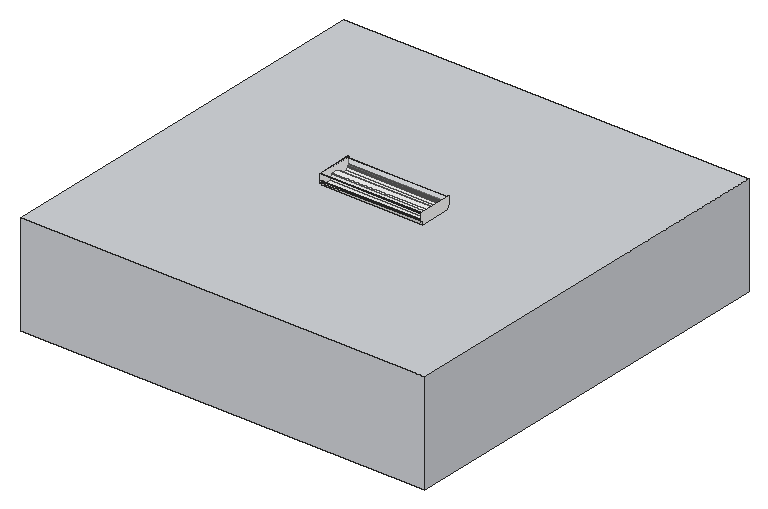
Revit family "AWN2", category Lighting Fixtures, host Face, Revit 2012
Parameters (values of type "AWN2-232-EU")
  Wattage Comments = "54 W"
  Wattage = 54 W
  built-in parameter 1150110 = 1 (stored number, unit not read)
  URL = "http://www.columbialighting.com/"
  built-in parameter 1114217 = 1 (stored number, unit not read)
  Tilt Angle = 90.00°
  built-in parameter 1150109 = 1 (stored number, unit not read)
  built-in parameter 1150134 = (empty or 0)
  built-in parameter 1150113 = 1 (stored number, unit not read)
  Product Page URL = "http://www.columbialighting.com/products/aw/"
  Product Documentation Link = "http://www.columbialighting.com/content/products/specs/specs_files/awn.pdf"
  Photometric Web File = "12409.IES"
  Model = "AWN2-232-EU"  # constant formula
  Manufacturer Phone = "(864)-678-1000"  # constant formula
  Manufacturer Fax = "866-898-1065"  # constant formula
  Manufacturer = "Columbia Lighting"  # constant formula
  built-in parameter 1150105 = 309.4 (stored number, unit not read)
  Lumens = 3888 lm
  built-in parameter 1150115 = 1 (stored number, unit not read)
  built-in parameter 1150137 = (empty or 0)
  built-in parameter 1150139 = (empty or 0)
  built-in parameter 1150112 = 1 (stored number, unit not read)
  built-in parameter 1150114 = 1 (stored number, unit not read)
  Lamp = "F32T8"
  built-in parameter 1150132 = (empty or 0)
  built-in parameter 1150102 = (empty or 0)
  built-in parameter 1150107 = 2725 (stored number, unit not read)
  built-in parameter 1150138 = (empty or 0)
  built-in parameter 1150106 = 3.094 (stored number, unit not read)
  Glass = Glass
  built-in parameter 1150104 = 6.689 (stored number, unit not read)
  Dimming Lamp Color Temperature Shift = <None>
  Description = "Specification Grade Wraparound"  # constant formula
  Default Elevation = 48.000"
  Color Filter = 16777215
  built-in parameter 1114218 = 1 (stored number, unit not read)
  Backbox = White
  built-in parameter 1150133 = 10 (stored number, unit not read)
Reference planes (in)
  plane 1 "Center (Front/Back)": y = 0.03999
  plane 2: z = 0.06357
  plane 3 "Center (Left/Right)": x = 0.01104
  plane 4: y = -4.11626
  plane 5: y = 1.78999
  plane 6: x = -11.98896
  plane 7: x = 12.01104
  plane 8: z = 2.93857
  plane 9: x = 11.93604
  plane 10: x = -11.91396
Forms (in)
  Extrusion 1, solid
    sketch origin (0, 0, 0.06357) x (1, 0, 0) y (0, 1, 0)
      loop
        line (-48, 48) -> (-48, -48) -> (48, -48) -> (48, 48) -> (-48, 48)
    from 0 to -24.06357
  Extrusion 2, solid, material "White" <- "Backbox"
    sketch origin (0.01104, 0.07998, 2.99778) x (0, -1, 0) y (0, 0, -1)
      loop
        line (4.19624, 0.06357) -> (4.19624, 1.98788) -> (3.80548, 1.98788) -> (3.80548, 2.17405) -> (3.58548, 2.77851) -> (-3.50549, 2.77851) -> (-3.7255, 2.17405) -> (-3.7255, 1.98788) -> (-4.11626, 1.98788) -> (-4.11626, 0.06357) -> (4.19624, 0.06357)
    from 11.925 to 12
  Extrusion 3, solid, material "White" <- "Backbox"
    sketch origin (0.01104, 0.07998, 2.99778) x (0, -1, 0) y (0, 0, -1)
      loop
        line (3.80548, 1.98788) -> (3.80548, 2.17405) -> (3.58548, 2.77851) -> (-3.50549, 2.77851) -> (-3.7255, 2.17405) -> (-3.7255, 1.98788) -> (-4.11626, 1.98788) -> (-4.11626, 1.93788) -> (-3.6755, 1.93788) -> (-3.6755, 2.16523) -> (-3.47048, 2.72851) -> (-1.22048, 2.72851) -> (-0.9688, 1.54445) -> (-0.63074, 1.34927) -> (0.71072, 1.34927) -> (1.04879, 1.54445) -> (1.30047, 2.72851) -> (3.55047, 2.72851) -> (3.75548, 2.16523) -> (3.75548, 1.98788) -> (3.80548, 1.98788)
    from -11.925 to 11.925
  Extrusion 4, solid, material "White" <- "Backbox"
    sketch origin (0.01104, 0.07998, 2.99778) x (0, -1, 0) y (0, 0, 1)
      loop
        line (4.19624, -0.06357) -> (-4.11626, -0.06357) -> (-4.11626, -1.98788) -> (-3.7255, -1.98788) -> (-3.7255, -2.17405) -> (-3.50549, -2.77851) -> (3.58548, -2.77851) -> (3.80548, -2.17405) -> (3.80548, -1.98788) -> (4.19624, -1.98788) -> (4.19624, -0.06357)
    from 11.925 to 12
  Extrusion 5, solid, material "Glass" <- "Glass"
    sketch origin (0.01104, 0, 0) x (0, 1, 0) y (0, 0, 1)
      loop
        line (4.07624, 1.38747) -> (4.07624, 2.75136)
        arc (4.07624, 2.75136) -> (4.05656, 2.79888) -> (4.00904, 2.81857) r 0.0672
        line (4.00904, 2.81857) -> (-3.92905, 2.81857)
        arc (-3.92905, 2.81857) -> (-3.97658, 2.79888) -> (-3.99626, 2.75136) r 0.0672
        line (-3.99626, 2.75136) -> (-3.99626, 1.38747)
        arc (-3.99626, 1.38747) -> (-3.90032, 1.15585) -> (-3.66869, 1.05991) r 0.32757
        line (-3.66869, 1.05991) -> (-3.66869, 1.13491)
        arc (-3.66869, 1.13491) -> (-3.84728, 1.20888) -> (-3.92126, 1.38747) r 0.25257
        line (-3.92126, 1.38747) -> (-3.92126, 2.70357)
        arc (-3.92126, 2.70357) -> (-3.90954, 2.73185) -> (-3.88126, 2.74357) r 0.04
        line (-3.88126, 2.74357) -> (3.95394, 2.74357)
        arc (3.95394, 2.74357) -> (3.98739, 2.72971) -> (4.00124, 2.69627) r 0.0473
        line (4.00124, 2.69627) -> (4.00124, 1.38747)
        arc (4.00124, 1.38747) -> (3.92727, 1.20888) -> (3.74867, 1.13491) r 0.25257
        line (3.74867, 1.13491) -> (3.74867, 1.05991)
        arc (3.74867, 1.05991) -> (3.9803, 1.15585) -> (4.07624, 1.38747) r 0.32757
    from -11.925 to 11.925
Cuts and joins
  joined: Extrusion 2, Extrusion 3, Extrusion 4
Dimensions and locks (in)
  locked: plane 4 to plane 1 "Center (Front/Back)" at 4.15625
  plane 5 to plane 1 "Center (Front/Back)" = 1.750"
  locked: plane 6 to plane 3 "Center (Left/Right)" at 12
  locked: plane 7 to plane 3 "Center (Left/Right)" at 12
  locked: plane 8 to Extrusion 1 at 2.875
  plane 3 "Center (Left/Right)" to plane 9 to plane 7 = 11.925", 0.075"
  plane 3 "Center (Left/Right)" to plane 10 to plane 6 = 11.925", 0.075"
  locked: plane 5 to imposter light at 1.75
  aligned and locked: plane 2 to Extrusion 1
  aligned and locked: level to Extrusion 1
  aligned and locked: Extrusion 2 to plane 9
  aligned and locked: Extrusion 2 to Extrusion 3 sketch curve
  aligned and locked: plane 10 to Extrusion 4
  aligned and locked: Extrusion 3 to Extrusion 4
  aligned and locked: Extrusion 5 to Extrusion 3
  aligned and locked: Extrusion 5 to Extrusion 2
  aligned and locked: Extrusion 3 to Extrusion 2
  aligned and locked: imposter light to plane 1 "Center (Front/Back)"
Connectors (in)
  electrical at (0, 0, 0.06357), driven by "Description"
    settings: index 1, voltage 0 V, apparent load 0 VA, apparent load phase1 0 VA, apparent load phase2 0 VA, apparent load phase3 0 VA, power factor 1, load classification "Lighting", number of poles 1, system type 30, power factor state 1, is connector primary yes, connector utility no, sub classification motor no, connector description "Specification Grade Wraparound"
